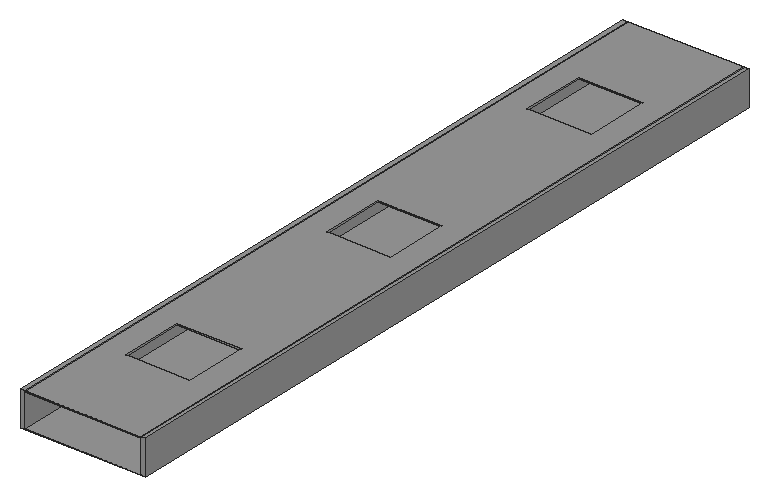
Revit family "OKA-W, Kanaleinheit für GES4, Höhe 60-110mm", category Generic Models, Revit 2015
Parameters (values of type "OKA-W4006050D4")
  Width = 400 mm
  URL = "http://www.obo-bettermann.com"
  Material = Steel, Galvanized
  Manufacturer Art. No. = "7424602"
  Manufacturer = "OBO Bettermann"
  Length [instance] = 2400 mm
  HeightCalc [instance] = if(Height < 60 mm, 60 mm, (if(Height > 110 mm, 110 mm, Height)))  # 110 mm
  Height [instance] = 110 mm
  GTIN = "4012195244684"
  Cut's number = 3
  Article Type = "OKA-W4006050D4"
Types (3, lengths in mm): name | Width | Manufacturer Art. No. | Height | GTIN | Article Type
  (no name) | 400 | "7424602" | 110 | "4012195244684" | "OKA-W4006050D4"
  OKA-W3006050D4 | 300 | "7424600" | 140 | "4012195244677" | "OKA-W3006050D4"
  OKA-W4006050D4 | 400 | "7424602" | 110 | "4012195244684" | "OKA-W4006050D4"
Reference planes
  plane 1 "Center (Front/Back)": y = 0
  plane 2: z = 0
  plane 3 "Center (Left/Right)": x = 0
  plane 4: z = 110
  plane 5: y = -2400
  plane 6: x = 200
  plane 7: x = -200
Forms (mm)
  Extrusion 1, solid, material "Aluminum 6061"
    sketch origin (0, 0, 0) x (1, 0, 0) y (0, 0, 1)
      loop
        line (185, 110) -> (185, 1) -> (-185, 1) -> (-185, 110) -> (-200, 110) -> (-200, 0) -> (200, 0) -> (200, 110) -> (185, 110)
    from 0 to 2400
  Extrusion 2, solid, material "Steel, Galvanized" <- "Material"
    sketch origin (0, 0, 0) x (1, 0, 0) y (0, 0, 1)
      loop
        line (185, 106) -> (185, 110) -> (-185, 110) -> (-185, 106) -> (185, 106)
    from 0 to 2400
  Extrusion 3, void
    sketch origin (0, 0, 0) x (1, 0, 0) y (0, 1, 0)
      loop
        line (-102.5, -1897.5) -> (-102.5, -2102.5) -> (102.5, -2102.5) -> (102.5, -1897.5) -> (-102.5, -1897.5)
    from 106 to 110
  Extrusion 4, void
    sketch origin (0, 800, 0) x (1, 0, 0) y (0, 1, 0)
      loop
        line (-102.5, -1897.5) -> (-102.5, -2102.5) -> (102.5, -2102.5) -> (102.5, -1897.5) -> (-102.5, -1897.5)
    from 106 to 110
  Extrusion 5, void
    sketch origin (0, 1600, 0) x (1, 0, 0) y (0, 1, 0)
      loop
        line (-102.5, -1897.5) -> (-102.5, -2102.5) -> (102.5, -2102.5) -> (102.5, -1897.5) -> (-102.5, -1897.5)
    from 106 to 110
Cuts and joins
  Extrusion 3 cuts Extrusion 1
  Extrusion 3, Extrusion 4, Extrusion 5 cuts Extrusion 2
Lines and regions (mm)
  model lines
    curve 1: line (-200, 0, 110) -> (-185, 0, 110)
    curve 2: line (-185, 0, 110) -> (-185, 0, 0)
    curve 3: line (-185, 0, 0) -> (-435, 0, 0)
    curve 4: line (-435, 0, 0) -> (-435, 0, 1)
    curve 5: line (-435, 0, 1) -> (-200, 0, 1)
    curve 6: line (-200, 0, 1) -> (-200, 0, 110)
    curve 7: line (185, 0, 110) -> (185, 0, 0)
    curve 8: line (185, 0, 0) -> (435, 0, 0)
    curve 9: line (435, 0, 0) -> (435, 0, 1)
    curve 10: line (435, 0, 1) -> (200, 0, 1)
    curve 11: line (200, 0, 1) -> (200, 0, 110)
    curve 12: line (200, 0, 110) -> (185, 0, 110)
    curve 13: line (185, 0, 110) -> (185, 0, 0)
    curve 14: line (-185, 0, 0) -> (-185, 0, 110)
    curve 15: line (-185, 0, 110) -> (185, 0, 110)
    curve 16: line (-185, 0, 106) -> (185, 0, 106)
Dimensions and locks
  locked: curve 5 to curve 3 at 1
  locked: curve 2 to curve 6 at 15
  locked: curve 10 to curve 8 at 1
  locked: curve 2 to curve 4 at 250
  locked: curve 9 to curve 7 at 250
  locked: curve 11 to curve 7 at 15
  "Length": plane 1 "Center (Front/Back)" to plane 5
  equal spacing: plane 7, plane 3 "Center (Left/Right)", plane 6
  "Width": plane 7 to plane 6
  "HeightCalc": level to plane 4
  locked: curve 16 to curve 15 at 4
  locked: Extrusion 3 sketch curve to Extrusion 3 sketch curve at 205  (x2)
  locked: Extrusion 4 sketch curve to Extrusion 4 sketch curve at 205  (x2)
  equal spacing: group 1, group 2, group 3  (x3)
  locked: Extrusion 5 sketch curve to Extrusion 5 sketch curve at 205  (x2)
  aligned and locked: level to plane 2
  aligned and locked: level to curve 3
  aligned and locked: curve 6 to plane 7
  aligned and locked: curve 11 to plane 6
  aligned and locked: plane 4 to curve 1
  aligned and locked: curve 8 to level
  aligned and locked: Extrusion 1 sketch curve to curve 13
  aligned and locked: Extrusion 1 sketch curve to curve 12
  aligned and locked: Extrusion 1 sketch curve to curve 11
  aligned and locked: Extrusion 1 sketch curve to curve 6
  aligned and locked: curve 14 to Extrusion 1 sketch curve
  aligned and locked: Extrusion 1 sketch curve to curve 1
  aligned and locked: Extrusion 1 to plane 5
  aligned and locked: Extrusion 2 sketch curve to curve 16
  aligned and locked: Extrusion 2 sketch curve to curve 15
  aligned and locked: Extrusion 2 sketch curve to curve 2
  aligned and locked: Extrusion 2 sketch curve to curve 7
  aligned and locked: Extrusion 2 to plane 5
  aligned and locked: curve 5 to Extrusion 1 sketch curve
  aligned and locked: Extrusion 3 to curve 1
  aligned and locked: Extrusion 3 to curve 16
Automatic sketch dimensions
  Extrusion 1 sketch curve to level = 0 mm
